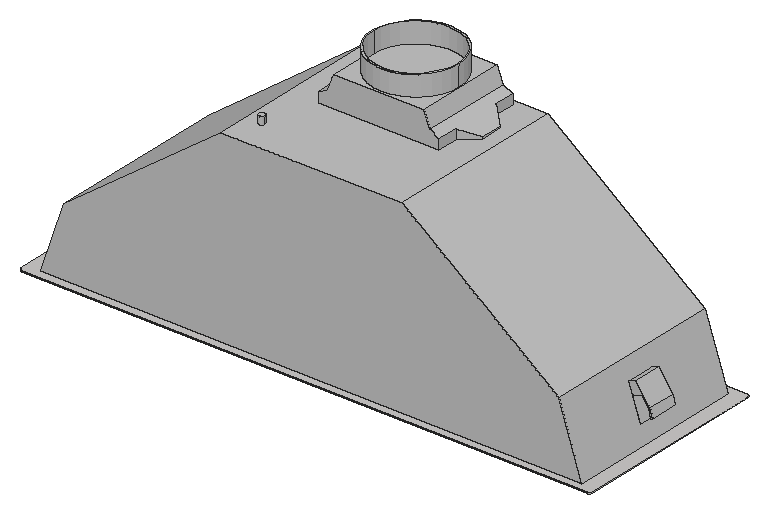
Revit family "FP_Revit_18_HP90ICSX2_Rangehood_90000960A", category Specialty Equipment, Revit 2018
Family settings
  Round Connector Dimension = Use Diameter
  Part Type = Normal
  OmniClass Number = 23.40.40.00
  OmniClass Title = Food Service Equipment and Furnishings
  Work Plane-Based = No
  Always vertical = Yes
  Cut with Voids When Loaded = Yes
  Shared = No
  Room Calculation Point = No
Parameters
  Visibility - Clearance Required = yes
  URL = "www.fisherpaykel.com"
  Product - Width = 792 mm  # constant formula
  Product - Height = 331 mm  # constant formula
  Product - Depth = 277 mm  # constant formula
  Model = "HP90ICSX2"
  Material - Trim = Fisher & Paykel - Stainless Steel
  Material - Glass = Fisher & Paykel - White Bezel
  Material - Body = Fisher & Paykel - Grey
  Manufacturer = "Fisher & Paykel Appliances"
  Keynote = ""
  FFL Offset [instance] = 1550 mm
  Description = "90cm Built-in Integrated Rangehood"
  Connector Description - Extraction = "Use rigid or semi-rigid ducting 150mm or 120mm diameter, 740m³/hr"
  Connector Description - Electrical = "220-240 V, 50Hz, 15 A fused electrical supply"
  Chassis - Width = 750 mm  # constant formula
  Chassis - Height = 260 mm  # constant formula
  Chassis - Depth = 253 mm  # constant formula
  Cavity - Width = 755 mm  # constant formula
  Cavity - Height = 340 mm  # constant formula
  Cavity - Depth = 255 mm  # constant formula
Reference planes
  plane 1 "Center (Front/Back)": y = 0
  plane 2: z = 0
  plane 3 "Center (Left/Right)": x = 0
  plane 4 "Product - LHS": x = -396
  plane 5 "Product - RHS": x = 396
  plane 6 "Product - Rear": y = 138.5
  plane 7 "Cavity - Rear": y = 127.5
  plane 8 "Chassis - LHS": x = -375
  plane 9 "Chassis - RHS": x = 375
  plane 10 "Product - Front": y = -138.5
  plane 11 "Cavity - Front": y = -127.5
  plane 12 "Chassis - Rear": y = 126.5
  plane 13 "Chassis - Front": y = -126.5
  plane 14 "Cavity - RHS": x = 377.5
  plane 15 "Cavity - LHS": x = -377.5
  plane 16 "FFL Offset": z = 1550
  plane 17 "Frame": z = 1549
Forms (mm)
  Extrusion 1, solid, material "Fisher & Paykel - Grey" <- "Material - Body"
    sketch origin (0, -127.5, 0) x (-1, 0, 0) y (0, 0, 1)
      loop
        line (-125, 1810) -> (-342.5, 1644.571) -> (-375, 1550) -> (375, 1550) -> (342.5, 1644.571) -> (125, 1810) -> (-125, 1810)
    from 1 to 254
  Extrusion 2, solid, material "Fisher & Paykel - Stainless Steel" <- "Material - Trim"
    sketch origin (0, 0, 0) x (1, 0, 0) y (0, 1, 0)
      loop
        line (-391, -138.5) -> (391, -138.5)
        arc (391, -138.5) -> (394.536, -137.036) -> (396, -133.5) r 5
        line (396, -133.5) -> (396, 133.5)
        arc (396, 133.5) -> (394.536, 137.036) -> (391, 138.5) r 5
        line (391, 138.5) -> (-391, 138.5)
        arc (-391, 138.5) -> (-394.536, 137.036) -> (-396, 133.5) r 5
        line (-396, 133.5) -> (-396, -133.5)
        arc (-396, -133.5) -> (-394.536, -137.036) -> (-391, -138.5) r 5
      loop
        line (-364.5, -49.5) -> (364.5, -49.5) -> (364.5, 112.5) -> (-364.5, 112.5) -> (-364.5, -49.5)
      loop
        line (100, -76.5) -> (19, -76.5)
        arc (19, -76.5) -> (12, -83.5) -> (19, -90.5) r 7
        line (19, -90.5) -> (100, -90.5)
        arc (100, -90.5) -> (107, -83.5) -> (100, -76.5) r 7
      loop
        arc (-100.017, -76.5) -> (-107.017, -83.5) -> (-100.017, -90.5) r 7
        line (-100.017, -90.5) -> (-12, -90.5)
        arc (-12, -90.5) -> (-5, -83.5) -> (-12, -76.5) r 7
        line (-12, -76.5) -> (-100.017, -76.5)
      loop
        circle (4, -87) r 5
      loop
        circle (192.5, -93.5) r 24.998
      loop
        circle (-192.5, -93.5) r 25.024
    from 1549 to 1550
  Extrusion 3, solid, material "Fisher & Paykel - Grey"
    sketch origin (0, 0, 0) x (1, 0, 0) y (0, 1, 0)
      loop
        circle (0, 54.5) r 60
      loop
        circle (0, 54.5) r 58
    from 1852 to 1880
  Extrusion 4, solid, material "Fisher & Paykel - Grey" <- "Material - Body"
    sketch origin (0, 0, -1) x (1, 0, 0) y (0, 1, 0)
      loop
        line (-83.5, 117.5) -> (-83.5, 88.5) -> (-105, 68.5) -> (-105, 39.5) -> (-83.5, 19.5) -> (-83.5, -9.5) -> (83.5, -9.5) -> (83.5, 19.5) -> (105, 39.5) -> (105, 69.5) -> (83.5, 88.5) -> (83.5, 117.5) -> (-83.5, 117.5)
    from 1811 to 1853
  Extrusion 5, solid, material "Fisher & Paykel - Grey" <- "Material - Body", detail levels fine
    sketch origin (0, 0, 0) x (1, 0, 0) y (0, 1, 0)
      loop
        circle (-103.5, -82.5) r 4.012
    from 1810 to 1820
  Extrusion 6, solid, material "Fisher & Paykel - Clearance Required", visible <- "Visibility - Clearance Required", detail levels coarse
    sketch origin (0, 0, 0) x (1, 0, 0) y (0, 1, 0)
      loop
        circle (0, 54.5) r 65
    from 1890 to 1940
  Extrusion 7, solid, material "Fisher & Paykel - White Bezel" <- "Material - Glass", detail levels fine
    sketch origin (0, 0, 0) x (1, 0, 0) y (0, 1, 0)
      loop
        circle (-192.5, -93.5) r 22
      loop
        circle (192.5, -93.5) r 22
    from 1549 to 1552
  Extrusion 8, solid, material "Fisher & Paykel - Grey" <- "Material - Body", detail levels medium+fine
    sketch origin (0, 0, 0) x (1, 0, 0) y (0, 0, 1)
      loop
        line (-368.935, 1573.801) -> (-367.044, 1573.151) -> (-350.794, 1620.435) -> (-362.127, 1624.33) -> (-380.985, 1596.999) -> (-384.885, 1585.65) -> (-382.993, 1585) -> (-379.093, 1596.349) -> (-369.7, 1610.013) -> (-357.886, 1605.953) -> (-368.935, 1573.801)
      loop
        line (368.935, 1573.801) -> (357.886, 1605.953) -> (369.7, 1610.013) -> (379.093, 1596.349) -> (382.993, 1585) -> (384.885, 1585.65) -> (380.985, 1596.999) -> (362.127, 1624.33) -> (350.794, 1620.435) -> (367.044, 1573.151) -> (368.935, 1573.801)
    from -22.545 to 16.564
  Extrusion 9, void
    sketch origin (0, 0, 0) x (1, 0, 0) y (0, 0, 1)
      loop
        line (-62, 1852) -> (-105, 1852) -> (-105, 1812) -> (-70.625, 1831.09) -> (-62, 1852)
      loop
        line (62, 1852) -> (70.625, 1831.09) -> (105, 1812) -> (105, 1852) -> (62, 1852)
    from -118.5 to 9.5
  Extrusion 10, solid, material "Fisher & Paykel - Clearance Required", visible <- "Visibility - Clearance Required", detail levels coarse
    sketch origin (0, 0, 0) x (1, 0, 0) y (0, 1, 0)
      loop
        line (377.5, 127.5) -> (-377.5, 127.5) -> (-377.5, -127.5) -> (377.5, -127.5) -> (377.5, 127.5)
    from 1550 to 1890
  Extrusion 11, solid, material "Fisher & Paykel - Stainless Steel" <- "Material - Trim", detail levels fine
    sketch origin (0, 0, 0) x (1, 0, 0) y (0, 1, 0)
      loop
        line (-363.5, -47.5) -> (363.5, -47.5) -> (363.5, 111.5) -> (-363.5, 111.5) -> (-363.5, -47.5)
      loop
        line (353.5, 101.5) -> (-353.5, 101.5) -> (-353.5, -37.5) -> (353.5, -37.5) -> (353.5, -10.5) -> (318.507, -10.5)
        arc (318.507, -10.5) -> (314.972, -9.036) -> (313.507, -5.5) r 5
        line (313.507, -5.5) -> (313.507, 69.5)
        arc (313.507, 69.5) -> (314.972, 73.036) -> (318.507, 74.5) r 5
        line (318.507, 74.5) -> (353.5, 74.5) -> (353.5, 101.5)
      loop
        line (335.507, 11) -> (344.5, 11)
        arc (344.5, 11) -> (348.035, 12.464) -> (349.5, 16) r 5
        line (349.5, 16) -> (349.5, 48)
        arc (349.5, 48) -> (348.035, 51.536) -> (344.5, 53) r 5
        line (344.5, 53) -> (335.507, 53)
        arc (335.507, 53) -> (331.972, 51.536) -> (330.507, 48) r 5
        line (330.507, 48) -> (330.507, 16)
        arc (330.507, 16) -> (331.972, 12.464) -> (335.507, 11) r 5
      loop
        line (-77.017, -89.5) -> (-71.017, -89.5) -> (-71.017, -77.5) -> (-77.017, -77.5) -> (-77.017, -89.5)
      loop
        line (-47.017, -89.5) -> (-41.017, -89.5) -> (-41.017, -77.5) -> (-47.017, -77.5) -> (-47.017, -89.5)
      loop
        line (50, -89.5) -> (56, -89.5) -> (56, -77.5) -> (50, -77.5) -> (50, -89.5)
    from 1549 to 1550
  Extrusion 12, void
    sketch origin (0, 0, 0) x (1, 0, 0) y (0, 1, 0)
      loop
        circle (0, 54.5) r 65
    from 1890 to 1940
  Extrusion 13, void
    sketch origin (0, 0, 0) x (1, 0, 0) y (0, 1, 0)
      loop
        line (377.5, 127.5) -> (-377.5, 127.5) -> (-377.5, -127.5) -> (377.5, -127.5) -> (377.5, 127.5)
    from 1550 to 1890
Cuts and joins
  Extrusion 9 cuts Extrusion 4
Text (mm)
  text "Due to ongoing product development, product details are subject to change without notice. \nPlease always refer to www.fisherpaykel.com for the most current product information. \n© Fisher & Paykel 2020" at (41.04, -1044.323, 0), in view "Ref. Level (Plan)"
Dimensions and locks
  equal spacing: plane 4 "Product - LHS", plane 3 "Center (Left/Right)", plane 5 "Product - RHS"
  equal spacing: plane 8 "Chassis - LHS", plane 3 "Center (Left/Right)", plane 9 "Chassis - RHS"
  equal spacing: plane 11 "Cavity - Front", plane 1 "Center (Front/Back)", plane 7 "Cavity - Rear"
  equal spacing: plane 12 "Chassis - Rear", plane 1 "Center (Front/Back)", plane 13 "Chassis - Front"
  equal spacing: plane 6 "Product - Rear", plane 1 "Center (Front/Back)", plane 10 "Product - Front"
  "Cavity - Depth": plane 11 "Cavity - Front" to plane 7 "Cavity - Rear"
  "Product - Depth": plane 6 "Product - Rear" to plane 10 "Product - Front"
  "Product - Width": plane 4 "Product - LHS" to plane 5 "Product - RHS"
  "Chassis - Depth": plane 12 "Chassis - Rear" to plane 13 "Chassis - Front"
  equal spacing: plane 15 "Cavity - LHS", plane 3 "Center (Left/Right)", plane 14 "Cavity - RHS"
  "Cavity - Width": plane 15 "Cavity - LHS" to plane 14 "Cavity - RHS"
  "Chassis - Width": plane 8 "Chassis - LHS" to plane 9 "Chassis - RHS"
  "FFL Offset": plane 16 "FFL Offset" to level
  "Chassis - Height": Extrusion 1 to plane 16 "FFL Offset"
  locked: plane 16 "FFL Offset" to plane 17 "Frame" at 1
  locked: plane 16 "FFL Offset" to Extrusion 5 at 270
  locked: plane 16 "FFL Offset" to cut or joined group of Extrusion 4, Extrusion 9 at 302
  locked: Extrusion 3 to plane 16 "FFL Offset" at 330
  locked: Extrusion 8 sketch curve to plane 16 "FFL Offset" at 23.151  (x2)
  locked: Extrusion 8 sketch curve to plane 16 "FFL Offset" at 74.33  (x2)
  locked: Extrusion 8 sketch curve to plane 16 "FFL Offset" at 35  (x2)
  locked: Extrusion 7 to plane 17 "Frame" at 3
  "Cavity - Height": Extrusion 10 to plane 16 "FFL Offset"
  locked: Extrusion 6 to Extrusion 10 at 50
  locked: Extrusion 1 sketch curve to plane 16 "FFL Offset" at 94.571  (x2)
  aligned and locked: level to plane 2
  aligned and locked: plane 12 "Chassis - Rear" to Extrusion 1
  aligned and locked: Extrusion 1 to plane 13 "Chassis - Front"
  aligned and locked: plane 16 "FFL Offset" to Extrusion 1 sketch curve
  aligned and locked: Extrusion 2 to Extrusion 1
  aligned and locked: Extrusion 2 to plane 17 "Frame"
  aligned and locked: Extrusion 4 to Extrusion 1
  aligned and locked: Extrusion 3 to cut or joined group of Extrusion 4, Extrusion 9
  aligned and locked: Extrusion 5 to Extrusion 1
  aligned and locked: Extrusion 11 to Extrusion 1
  aligned and locked: Extrusion 2 to Extrusion 11
  aligned and locked: Extrusion 2 to Extrusion 7
  aligned and locked: Extrusion 10 to Extrusion 1
  aligned and locked: Extrusion 6 to Extrusion 10
  aligned and locked: Extrusion 12 to Extrusion 6  (x2)
  aligned and locked: Extrusion 13 to Extrusion 6
  aligned and locked: Extrusion 13 to Extrusion 1
Automatic sketch dimensions
  Extrusion 1 sketch curve to plane 9 "Chassis - RHS" = 0 mm
  Extrusion 1 sketch curve to plane 9 "Chassis - RHS" = 32.5 mm
  plane 3 "Center (Left/Right)" to Extrusion 1 sketch curve = 125 mm
  Extrusion 1 sketch curve to plane 3 "Center (Left/Right)" = 125 mm
  Extrusion 1 sketch curve to plane 8 "Chassis - LHS" = 32.5 mm
  Extrusion 1 sketch curve to plane 8 "Chassis - LHS" = 0 mm
  Extrusion 1 sketch curve to plane 16 "FFL Offset" = 260 mm
  Extrusion 2 sketch curve to plane 4 "Product - LHS" = 0 mm
  Extrusion 2 sketch curve to plane 5 "Product - RHS" = 0 mm
  plane 6 "Product - Rear" to Extrusion 2 sketch curve = 0 mm
  Extrusion 2 sketch curve to plane 4 "Product - LHS" = 5 mm  (x2)
  Extrusion 2 sketch curve to plane 10 "Product - Front" = 0 mm
  Extrusion 2 sketch curve to plane 8 "Chassis - LHS" = 10.5 mm
  plane 13 "Chassis - Front" to Extrusion 2 sketch curve = 33 mm  (x2)
  Extrusion 2 sketch curve to Extrusion 2 sketch curve = 172 mm
  plane 13 "Chassis - Front" to Extrusion 2 sketch curve = 36 mm
  Extrusion 2 sketch curve to Extrusion 2 sketch curve = 92.483 mm
  Extrusion 2 sketch curve to plane 3 "Center (Left/Right)" = 12 mm
  plane 3 "Center (Left/Right)" to Extrusion 2 sketch curve = 4 mm
  Extrusion 2 sketch curve to Extrusion 2 sketch curve = 15 mm
  Extrusion 2 sketch curve to Extrusion 2 sketch curve = 81 mm
  Extrusion 2 sketch curve to Extrusion 2 sketch curve = 92.5 mm
  Extrusion 2 sketch curve to plane 9 "Chassis - RHS" = 10.5 mm
  Extrusion 2 sketch curve to plane 6 "Product - Rear" = 5 mm
  plane 10 "Product - Front" to Extrusion 2 sketch curve = 5 mm
  Extrusion 2 sketch curve to Extrusion 2 sketch curve = 0 mm
  Extrusion 2 sketch curve to Extrusion 2 sketch curve = 3.5 mm
  Extrusion 2 sketch curve to Extrusion 2 sketch curve = 7 mm  (x2)
  plane 1 "Center (Front/Back)" to Extrusion 2 sketch curve = 49.5 mm
  Extrusion 2 sketch curve to plane 12 "Chassis - Rear" = 14 mm
  Extrusion 3 sketch curve to Extrusion 3 sketch curve = 0 mm  (x2)
  Extrusion 3 sketch curve to plane 3 "Center (Left/Right)" = 0 mm
  Extrusion 3 sketch curve to plane 1 "Center (Front/Back)" = 54.5 mm
  Extrusion 4 sketch curve to plane 1 "Center (Front/Back)" = 39.5 mm  (x2)
  Extrusion 4 sketch curve to plane 3 "Center (Left/Right)" = 105 mm
  Extrusion 4 sketch curve to plane 12 "Chassis - Rear" = 38 mm
  Extrusion 4 sketch curve to Extrusion 4 sketch curve = 21.5 mm  (x3)
  plane 1 "Center (Front/Back)" to Extrusion 4 sketch curve = 9.5 mm
  Extrusion 4 sketch curve to plane 1 "Center (Front/Back)" = 19.5 mm  (x2)
  plane 3 "Center (Left/Right)" to Extrusion 4 sketch curve = 83.5 mm
  Extrusion 4 sketch curve to Extrusion 4 sketch curve = 0 mm
  Extrusion 4 sketch curve to Extrusion 4 sketch curve = 29 mm
  Extrusion 4 sketch curve to Extrusion 4 sketch curve = 30 mm
  Extrusion 4 sketch curve to Extrusion 4 sketch curve = 19 mm
  Extrusion 4 sketch curve to plane 12 "Chassis - Rear" = 9 mm
  plane 13 "Chassis - Front" to Extrusion 5 sketch curve = 44 mm
  Extrusion 5 sketch curve to plane 3 "Center (Left/Right)" = 103.5 mm
  Extrusion 6 sketch curve to plane 3 "Center (Left/Right)" = 0 mm
  Extrusion 6 sketch curve to plane 1 "Center (Front/Back)" = 54.5 mm
  plane 13 "Chassis - Front" to Extrusion 7 sketch curve = 33 mm  (x2)
  Extrusion 7 sketch curve to plane 8 "Chassis - LHS" = 182.5 mm
  Extrusion 7 sketch curve to plane 9 "Chassis - RHS" = 182.5 mm
  plane 15 "Cavity - LHS" to Extrusion 8 sketch curve = 7.385 mm
  Extrusion 8 sketch curve to Extrusion 8 sketch curve = 1.891 mm  (x5)
  plane 15 "Cavity - LHS" to Extrusion 8 sketch curve = 3.485 mm
  plane 15 "Cavity - LHS" to Extrusion 8 sketch curve = 1.593 mm
  Extrusion 8 sketch curve to plane 8 "Chassis - LHS" = 5.3 mm
  Extrusion 8 sketch curve to plane 8 "Chassis - LHS" = 6.065 mm
  Extrusion 8 sketch curve to plane 8 "Chassis - LHS" = 12.873 mm
  Extrusion 8 sketch curve to Extrusion 8 sketch curve = 11.814 mm
  Extrusion 8 sketch curve to Extrusion 8 sketch curve = 11.333 mm  (x2)
  Extrusion 8 sketch curve to plane 9 "Chassis - RHS" = 24.206 mm
  Extrusion 8 sketch curve to Extrusion 8 sketch curve = 7.092 mm
  Extrusion 8 sketch curve to plane 9 "Chassis - RHS" = 7.956 mm
  Extrusion 8 sketch curve to plane 9 "Chassis - RHS" = 5.3 mm
  plane 14 "Cavity - RHS" to Extrusion 8 sketch curve = 1.593 mm
  plane 14 "Cavity - RHS" to Extrusion 8 sketch curve = 5.493 mm
  Extrusion 8 sketch curve to Extrusion 8 sketch curve = 0.65 mm  (x2)
  Extrusion 9 sketch curve to plane 3 "Center (Left/Right)" = 105 mm
  Extrusion 9 sketch curve to Extrusion 9 sketch curve = 34.375 mm  (x2)
  Extrusion 9 sketch curve to Extrusion 9 sketch curve = 8.625 mm  (x2)
  plane 3 "Center (Left/Right)" to Extrusion 9 sketch curve = 62 mm
  Extrusion 9 sketch curve to plane 16 "FFL Offset" = 262 mm
  Extrusion 9 sketch curve to Extrusion 9 sketch curve = 0 mm
  Extrusion 9 sketch curve to Extrusion 9 sketch curve = 19.09 mm  (x2)
  Extrusion 9 sketch curve to Extrusion 9 sketch curve = 20.91 mm  (x2)
  plane 7 "Cavity - Rear" to Extrusion 10 sketch curve = 0 mm
  Extrusion 10 sketch curve to plane 15 "Cavity - LHS" = 0 mm
  Extrusion 10 sketch curve to plane 11 "Cavity - Front" = 0 mm
  Extrusion 10 sketch curve to plane 14 "Cavity - RHS" = 0 mm
  Extrusion 11 sketch curve to plane 8 "Chassis - LHS" = 11.5 mm
  Extrusion 11 sketch curve to Extrusion 11 sketch curve = 10 mm  (x3)
  Extrusion 11 sketch curve to plane 3 "Center (Left/Right)" = 77.017 mm
  Extrusion 11 sketch curve to Extrusion 11 sketch curve = 6 mm  (x3)
  Extrusion 11 sketch curve to Extrusion 11 sketch curve = 24 mm
  plane 3 "Center (Left/Right)" to Extrusion 11 sketch curve = 50 mm
  plane 1 "Center (Front/Back)" to Extrusion 11 sketch curve = 5.5 mm
  Extrusion 11 sketch curve to plane 9 "Chassis - RHS" = 61.493 mm
  Extrusion 11 sketch curve to Extrusion 11 sketch curve = 5 mm  (x5)
  Extrusion 11 sketch curve to Extrusion 11 sketch curve = 12 mm  (x4)
  Extrusion 11 sketch curve to Extrusion 11 sketch curve = 8.993 mm  (x2)
  Extrusion 11 sketch curve to plane 9 "Chassis - RHS" = 21.5 mm  (x2)
  Extrusion 11 sketch curve to plane 9 "Chassis - RHS" = 11.5 mm
  plane 1 "Center (Front/Back)" to Extrusion 11 sketch curve = 37.5 mm
  plane 13 "Chassis - Front" to Extrusion 11 sketch curve = 49 mm  (x2)
  Extrusion 11 sketch curve to Extrusion 11 sketch curve = 0 mm
  Extrusion 11 sketch curve to plane 1 "Center (Front/Back)" = 11 mm
  Extrusion 11 sketch curve to Extrusion 11 sketch curve = 32 mm
  Extrusion 11 sketch curve to Extrusion 11 sketch curve = 16.5 mm
  Extrusion 11 sketch curve to plane 12 "Chassis - Rear" = 25 mm
  Extrusion 12 sketch curve to plane 3 "Center (Left/Right)" = 0 mm
  Extrusion 12 sketch curve to plane 1 "Center (Front/Back)" = 54.5 mm
  plane 7 "Cavity - Rear" to Extrusion 13 sketch curve = 0 mm
  Extrusion 13 sketch curve to plane 15 "Cavity - LHS" = 0 mm
  Extrusion 13 sketch curve to plane 11 "Cavity - Front" = 0 mm
  Extrusion 13 sketch curve to plane 14 "Cavity - RHS" = 0 mm
  radius of Extrusion 2 sketch curve = 5 mm
  radius of Extrusion 2 sketch curve = 24.998 mm
  radius of Extrusion 2 sketch curve = 25.024 mm
  radius of Extrusion 3 sketch curve = 60 mm
  radius of Extrusion 3 sketch curve = 58 mm
  radius of Extrusion 5 sketch curve = 4.012 mm
  radius of Extrusion 6 sketch curve = 65 mm
  radius of Extrusion 7 sketch curve = 22 mm  (x2)
  radius of Extrusion 12 sketch curve = 65 mm
Connectors
  electrical at (-103.5, -82.5, 1820), driven by "Connector Description - Electrical"
    settings: on Extrusion 5, index 1, voltage 230 V, apparent load 0 VA, apparent load phase1 0 VA, apparent load phase2 0 VA, apparent load phase3 0 VA, power factor 1, load classification "Other", number of poles 1, system type 30, power factor state 1, is connector primary yes, connector utility no, sub classification motor no, connector description "220-240 V, 50Hz, 15 A fused electrical supply"
  hvac at (0, 54.5, 1880), driven by "Connector Description - Extraction"
    settings: on Extrusion 3, index 2, duct flow 0.0 L/s, flow factor 0, pres drop 0.0 Pa, loss coef 0, conn angle 0.00°, conn width 304.8 mm, conn height 304.8 mm, conn diameter 120 mm, duct sys type 4, conn prof type 0, flow config 0, flow direction 2, loss method 0, conn ref index -1, conn util no, is conn primary yes, conn desc "Use rigid or semi-rigid ducting 150mm or 120mm diameter, 740m³/hr"
